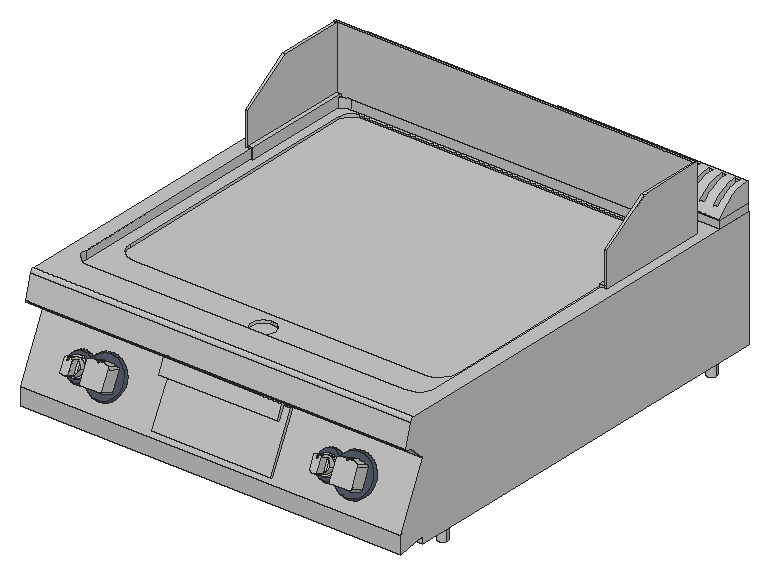
Revit family "QF_ZANUSSI_392054_Z9FTGHCS00", category Specialty Equipment, Revit 2018 (continued)
Automatic sketch dimensions
  Extrusion 13 sketch curve to Extrusion 13 sketch curve = 9.296 mm
  Extrusion 13 sketch curve to plane 11 = 19.089 mm
  plane 1 "BACK" to Extrusion 14 sketch curve = 6.761 mm
  plane 3 "LEFT" to Extrusion 14 sketch curve = 162.665 mm
  Extrusion 14 sketch curve to Extrusion 14 sketch curve = 9.296 mm
  Extrusion 14 sketch curve to plane 11 = 19.089 mm
  plane 1 "BACK" to Extrusion 15 sketch curve = 6.761 mm
  plane 12 to Extrusion 15 sketch curve = 157.346 mm
  Extrusion 15 sketch curve to Extrusion 15 sketch curve = 9.296 mm
  Extrusion 15 sketch curve to plane 11 = 19.089 mm
  plane 1 "BACK" to Extrusion 16 sketch curve = 6.761 mm
  plane 12 to Extrusion 16 sketch curve = 17.43 mm
  Extrusion 16 sketch curve to Extrusion 16 sketch curve = 9.296 mm
  Extrusion 16 sketch curve to plane 11 = 19.089 mm
  Extrusion 17 sketch curve to plane 12 = 10.559 mm
  Extrusion 17 sketch curve to plane 12 = 1.263 mm
  plane 1 "BACK" to Extrusion 17 sketch curve = 6.761 mm
  Extrusion 17 sketch curve to plane 11 = 19.089 mm
  plane 1 "BACK" to Extrusion 18 sketch curve = 6.761 mm
  plane 12 to Extrusion 18 sketch curve = 97.263 mm
  Extrusion 18 sketch curve to Extrusion 18 sketch curve = 9.296 mm
  Extrusion 18 sketch curve to plane 11 = 19.089 mm
  plane 1 "BACK" to Extrusion 19 sketch curve = 6.761 mm
  plane 12 to Extrusion 19 sketch curve = 69.275 mm
  Extrusion 19 sketch curve to Extrusion 19 sketch curve = 9.296 mm
  Extrusion 19 sketch curve to plane 11 = 19.089 mm
  plane 1 "BACK" to Extrusion 20 sketch curve = 6.761 mm
  plane 12 to Extrusion 20 sketch curve = 41.311 mm
  Extrusion 20 sketch curve to Extrusion 20 sketch curve = 9.296 mm
  Extrusion 20 sketch curve to plane 11 = 19.089 mm
  plane 1 "BACK" to Extrusion 21 sketch curve = 6.761 mm
  plane 12 to Extrusion 21 sketch curve = 125.251 mm
  Extrusion 21 sketch curve to Extrusion 21 sketch curve = 9.296 mm
  Extrusion 21 sketch curve to plane 11 = 19.089 mm
  Extrusion 22 sketch curve to Extrusion 3 = 5.362 mm
  Extrusion 22 sketch curve to Extrusion 3 = 30.762 mm
  Extrusion 22 sketch curve to Extrusion 22 sketch curve = 25.4 mm
  Extrusion 22 sketch curve to Extrusion 3 = 25 mm
  Extrusion 22 sketch curve to Extrusion 3 = 122.523 mm  (x2)
  Extrusion 22 sketch curve to Extrusion 3 = 62.523 mm
  Extrusion 22 sketch curve to Extrusion 22 sketch curve = 37.523 mm
  Extrusion 22 sketch curve to Extrusion 3 = 43.885 mm
  Extrusion 22 sketch curve to Extrusion 22 sketch curve = 307.477 mm
  Extrusion 23 sketch curve to plane 6 "TOP" = 0 mm
  Extrusion 23 sketch curve to plane 16 = 0 mm
  Extrusion 23 sketch curve to plane 6 "TOP" = 65 mm
  Extrusion 23 sketch curve to plane 16 = 100.091 mm
  Extrusion 24 sketch curve to plane 6 "TOP" = 0 mm
  Extrusion 24 sketch curve to plane 16 = 0 mm
  Extrusion 24 sketch curve to plane 6 "TOP" = 65 mm
  Extrusion 24 sketch curve to plane 16 = 100.091 mm
  Extrusion 25 sketch curve to plane 6 "TOP" = 0 mm
  Extrusion 25 sketch curve to plane 14 = 0 mm
  Extrusion 25 sketch curve to plane 4 "RIGHT" = 20 mm
  plane 3 "LEFT" to Extrusion 25 sketch curve = 20 mm
  Extrusion 26 sketch curve to plane 1 "BACK" = 0 mm
  Extrusion 26 sketch curve to plane 14 = 0 mm
  Extrusion 26 sketch curve to plane 11 = 7.988 mm
  Extrusion 26 sketch curve to Extrusion 26 sketch curve = 15 mm
  Extrusion 27 sketch curve to plane 1 "BACK" = 0 mm
  plane 1 "BACK" to Extrusion 27 sketch curve = 1.769 mm
  Extrusion 27 sketch curve to plane 11 = 7.988 mm
  plane 14 to Extrusion 27 sketch curve = 58.763 mm
  plane 14 to Extrusion 27 sketch curve = 17.959 mm
  plane 14 to Extrusion 27 sketch curve = 15 mm
  plane 1 "BACK" to Extrusion 28 sketch curve = 6.761 mm
  Extrusion 28 sketch curve to plane 4 "RIGHT" = 22.749 mm
  Extrusion 28 sketch curve to Extrusion 28 sketch curve = 9.296 mm
  Extrusion 28 sketch curve to plane 11 = 19.089 mm
  plane 1 "BACK" to Extrusion 29 sketch curve = 6.761 mm
  plane 7 "Center Y" to Extrusion 29 sketch curve = 22.749 mm
  Extrusion 29 sketch curve to Extrusion 29 sketch curve = 9.296 mm
  Extrusion 29 sketch curve to plane 11 = 19.089 mm
  plane 1 "BACK" to Extrusion 30 sketch curve = 6.761 mm
  Extrusion 30 sketch curve to plane 4 "RIGHT" = 50.737 mm
  Extrusion 30 sketch curve to Extrusion 30 sketch curve = 9.296 mm
  Extrusion 30 sketch curve to plane 11 = 19.089 mm
  plane 1 "BACK" to Extrusion 31 sketch curve = 6.761 mm
  Extrusion 31 sketch curve to plane 4 "RIGHT" = 78.725 mm
  Extrusion 31 sketch curve to Extrusion 31 sketch curve = 9.296 mm
  Extrusion 31 sketch curve to plane 11 = 19.089 mm
  plane 1 "BACK" to Extrusion 32 sketch curve = 6.761 mm
  Extrusion 32 sketch curve to plane 4 "RIGHT" = 106.689 mm
  Extrusion 32 sketch curve to Extrusion 32 sketch curve = 9.296 mm
  Extrusion 32 sketch curve to plane 11 = 19.089 mm
  plane 1 "BACK" to Extrusion 33 sketch curve = 6.761 mm
  Extrusion 33 sketch curve to plane 4 "RIGHT" = 134.677 mm
  Extrusion 33 sketch curve to Extrusion 33 sketch curve = 9.296 mm
  Extrusion 33 sketch curve to plane 11 = 19.089 mm
  plane 1 "BACK" to Extrusion 34 sketch curve = 6.761 mm
  Extrusion 34 sketch curve to plane 4 "RIGHT" = 162.665 mm
  Extrusion 34 sketch curve to Extrusion 34 sketch curve = 9.296 mm
  Extrusion 34 sketch curve to plane 11 = 19.089 mm
  plane 1 "BACK" to Extrusion 35 sketch curve = 6.761 mm
  Extrusion 35 sketch curve to plane 4 "RIGHT" = 190.654 mm
  Extrusion 35 sketch curve to Extrusion 35 sketch curve = 9.296 mm
  Extrusion 35 sketch curve to plane 11 = 19.089 mm
  plane 1 "BACK" to Extrusion 36 sketch curve = 6.761 mm
  plane 7 "Center Y" to Extrusion 36 sketch curve = 69.43 mm
  Extrusion 36 sketch curve to Extrusion 36 sketch curve = 9.296 mm
  Extrusion 36 sketch curve to plane 11 = 19.089 mm
  plane 1 "BACK" to Extrusion 37 sketch curve = 6.761 mm
  plane 7 "Center Y" to Extrusion 37 sketch curve = 41.441 mm
  Extrusion 37 sketch curve to Extrusion 37 sketch curve = 9.296 mm
  Extrusion 37 sketch curve to plane 11 = 19.089 mm
  plane 1 "BACK" to Extrusion 38 sketch curve = 6.761 mm
  plane 7 "Center Y" to Extrusion 38 sketch curve = 149.263 mm
  Extrusion 38 sketch curve to Extrusion 38 sketch curve = 9.296 mm
  Extrusion 38 sketch curve to plane 11 = 19.089 mm
  plane 1 "BACK" to Extrusion 39 sketch curve = 6.761 mm
  plane 7 "Center Y" to Extrusion 39 sketch curve = 121.275 mm
  Extrusion 39 sketch curve to Extrusion 39 sketch curve = 9.296 mm
  Extrusion 39 sketch curve to plane 11 = 19.089 mm
  plane 1 "BACK" to Extrusion 40 sketch curve = 6.761 mm
  plane 7 "Center Y" to Extrusion 40 sketch curve = 93.311 mm
  Extrusion 40 sketch curve to Extrusion 40 sketch curve = 9.296 mm
  Extrusion 40 sketch curve to plane 11 = 19.089 mm
  plane 1 "BACK" to Extrusion 41 sketch curve = 6.761 mm
  plane 7 "Center Y" to Extrusion 41 sketch curve = 177.251 mm
  Extrusion 41 sketch curve to Extrusion 41 sketch curve = 9.296 mm
  Extrusion 41 sketch curve to plane 11 = 19.089 mm
  Extrusion 42 sketch curve to plane 14 = 0 mm  (x2)
  plane 14 to Extrusion 42 sketch curve = 5 mm  (x2)
  Extrusion 42 sketch curve to plane 6 "TOP" = 1 mm  (x2)
  Extrusion 42 sketch curve to plane 14 = 19.6 mm  (x2)
  Extrusion 42 sketch curve to plane 4 "RIGHT" = 20 mm
  Extrusion 42 sketch curve to Extrusion 42 sketch curve = 5 mm  (x6)
  plane 3 "LEFT" to Extrusion 42 sketch curve = 35 mm
  plane 3 "LEFT" to Blend 43 sketch curve = 103.419 mm  (x2)
  Blend 43 sketch curve to Blend 43 sketch curve = 53 mm  (x2)
  Blend 43 sketch curve to Blend 43 sketch curve = 0 mm  (x2)
  Blend 43 sketch curve to Blend 43 sketch curve = 17.95 mm
  Blend 43 sketch curve to Blend 43 sketch curve = 24.037 mm
  Blend 43 sketch curve to Blend 43 sketch curve = 18.422 mm
  Blend 43 sketch curve to Blend 43 sketch curve = 21.086 mm
  plane 3 "LEFT" to Extrusion 44 sketch curve = 101.418 mm
  plane 3 "LEFT" to Extrusion 45 sketch curve = 133.419 mm
  Extrusion 45 sketch curve to Extrusion 45 sketch curve = 2.997 mm  (x3)
  Extrusion 45 sketch curve to Extrusion 45 sketch curve = 20.003 mm  (x2)
  Extrusion 45 sketch curve to Extrusion 45 sketch curve = 40.005 mm
  Extrusion 45 sketch curve to Extrusion 45 sketch curve = 5.399 mm
  Extrusion 45 sketch curve to Extrusion 45 sketch curve = 40.037 mm
  Extrusion 45 sketch curve to Extrusion 45 sketch curve = 0 mm  (x2)
  Split face 26 sketch curve to Split face 26 sketch curve = 2.545 mm
  Split face 26 sketch curve to Split face 26 sketch curve = 4.379 mm
  Split face 27 sketch curve to Split face 27 sketch curve = 0.816 mm  (x2)
  Split face 27 sketch curve to Split face 27 sketch curve = 2.828 mm
  plane 3 "LEFT" to Extrusion 46 sketch curve = 101.418 mm
  plane 18 to Extrusion 47 sketch curve = 40 mm
  plane 3 "LEFT" to Extrusion 47 sketch curve = 84.526 mm
  Extrusion 47 sketch curve to Extrusion 47 sketch curve = 6.058 mm
  Extrusion 47 sketch curve to Extrusion 47 sketch curve = 0.01 mm  (x4)
  Extrusion 47 sketch curve to Extrusion 47 sketch curve = 8.895 mm  (x2)
  Extrusion 47 sketch curve to Extrusion 47 sketch curve = 15.995 mm
  Extrusion 47 sketch curve to Extrusion 47 sketch curve = 2.827 mm
  Extrusion 47 sketch curve to Extrusion 47 sketch curve = 15.163 mm
  Extrusion 47 sketch curve to Extrusion 47 sketch curve = 0 mm
  Extrusion 47 sketch curve to Extrusion 47 sketch curve = 15.173 mm
  plane 18 to Extrusion 48 sketch curve = 35 mm
  Extrusion 48 sketch curve to plane 17 = 5.671 mm
  Extrusion 48 sketch curve to Extrusion 48 sketch curve = 3 mm
  Extrusion 48 sketch curve to Extrusion 48 sketch curve = 0 mm  (x2)
  Extrusion 48 sketch curve to Extrusion 48 sketch curve = 1 mm
  Extrusion 48 sketch curve to Extrusion 48 sketch curve = 15 mm
  Extrusion 49 sketch curve to Extrusion 49 sketch curve = 0 mm  (x2)
  plane 18 to Extrusion 49 sketch curve = 25.027 mm
  plane 17 to Extrusion 49 sketch curve = 0.005 mm
  Extrusion 49 sketch curve to Extrusion 49 sketch curve = 1 mm
  Extrusion 49 sketch curve to Extrusion 49 sketch curve = 2.764 mm
  Extrusion 49 sketch curve to Extrusion 49 sketch curve = 2.616 mm
  Extrusion 49 sketch curve to Extrusion 49 sketch curve = 12.193 mm
  Extrusion 50 sketch curve to Extrusion 50 sketch curve = 0 mm  (x2)
  Extrusion 50 sketch curve to plane 18 = 0 mm  (x2)
  Extrusion 50 sketch curve to plane 5 "FRONT" = 2.621 mm
  Extrusion 50 sketch curve to Extrusion 50 sketch curve = 2.908 mm
  plane 17 to Extrusion 50 sketch curve = 5.047 mm
  Extrusion 50 sketch curve to Extrusion 50 sketch curve = 2.884 mm  (x2)
  plane 17 to Extrusion 50 sketch curve = 17.709 mm
  Extrusion 50 sketch curve to Extrusion 50 sketch curve = 1.711 mm
  Extrusion 50 sketch curve to Extrusion 50 sketch curve = 1.332 mm
  Extrusion 50 sketch curve to Extrusion 50 sketch curve = 2.245 mm
  Extrusion 50 sketch curve to Extrusion 50 sketch curve = 17.505 mm
  Extrusion 50 sketch curve to Extrusion 50 sketch curve = 3.877 mm
  Extrusion 50 sketch curve to Extrusion 50 sketch curve = 1.339 mm
  Extrusion 50 sketch curve to Extrusion 50 sketch curve = 11.162 mm
  Extrusion 50 sketch curve to Extrusion 50 sketch curve = 1.327 mm
  Extrusion 50 sketch curve to Extrusion 50 sketch curve = 0.613 mm
  Extrusion 50 sketch curve to Extrusion 50 sketch curve = 0.787 mm
  Extrusion 51 sketch curve to Extrusion 51 sketch curve = 0 mm  (x2)
  Extrusion 51 sketch curve to plane 18 = 0 mm  (x2)
  Extrusion 51 sketch curve to plane 13 = 0.179 mm
  Extrusion 51 sketch curve to plane 13 = 3.087 mm
  Extrusion 51 sketch curve to plane 13 = 17.606 mm
  Extrusion 51 sketch curve to Extrusion 51 sketch curve = 2.884 mm  (x2)
  Extrusion 51 sketch curve to plane 13 = 30.268 mm
  Extrusion 51 sketch curve to Extrusion 51 sketch curve = 0.82 mm
  Extrusion 51 sketch curve to Extrusion 51 sketch curve = 1.711 mm
  Extrusion 51 sketch curve to Extrusion 51 sketch curve = 1.332 mm
  Extrusion 51 sketch curve to Extrusion 51 sketch curve = 17.505 mm
  Extrusion 51 sketch curve to plane 5 "FRONT" = 5.529 mm
  plane 17 to Extrusion 51 sketch curve = 21.413 mm
  Extrusion 51 sketch curve to Extrusion 51 sketch curve = 0.891 mm
  Extrusion 51 sketch curve to Extrusion 51 sketch curve = 4.467 mm
  Extrusion 51 sketch curve to Extrusion 51 sketch curve = 19.137 mm
  Extrusion 51 sketch curve to Extrusion 51 sketch curve = 1.339 mm
  Extrusion 51 sketch curve to Extrusion 51 sketch curve = 97.223 mm
  Extrusion 51 sketch curve to Extrusion 51 sketch curve = 1.327 mm
  Extrusion 51 sketch curve to Extrusion 51 sketch curve = 16.961 mm
  Extrusion 51 sketch curve to Extrusion 51 sketch curve = 0.787 mm
  Extrusion 51 sketch curve to Extrusion 51 sketch curve = 4.979 mm
  Blend 52 sketch curve to plane 4 "RIGHT" = 171.581 mm  (x2)
  Blend 52 sketch curve to Blend 52 sketch curve = 53 mm  (x2)
  Blend 52 sketch curve to Blend 52 sketch curve = 0 mm  (x2)
  Blend 52 sketch curve to Blend 52 sketch curve = 17.95 mm
  Blend 52 sketch curve to Blend 52 sketch curve = 24.037 mm
  Blend 52 sketch curve to Blend 52 sketch curve = 18.422 mm
  Blend 52 sketch curve to Blend 52 sketch curve = 21.086 mm
  Extrusion 53 sketch curve to plane 4 "RIGHT" = 173.582 mm
  Extrusion 54 sketch curve to plane 4 "RIGHT" = 141.581 mm
  Extrusion 54 sketch curve to Extrusion 54 sketch curve = 2.997 mm  (x3)
  Extrusion 54 sketch curve to Extrusion 54 sketch curve = 20.003 mm  (x2)
  Extrusion 54 sketch curve to Extrusion 54 sketch curve = 40.005 mm
  Extrusion 54 sketch curve to Extrusion 54 sketch curve = 5.399 mm
  Extrusion 54 sketch curve to Extrusion 54 sketch curve = 40.037 mm
  Extrusion 54 sketch curve to Extrusion 54 sketch curve = 0 mm  (x2)
  Split face 54 sketch curve to Split face 54 sketch curve = 2.545 mm
  Split face 54 sketch curve to Split face 54 sketch curve = 4.379 mm
  Split face 55 sketch curve to Split face 55 sketch curve = 0.816 mm  (x2)
  Split face 55 sketch curve to Split face 55 sketch curve = 2.828 mm
  Extrusion 55 sketch curve to plane 4 "RIGHT" = 173.582 mm
  plane 18 to Extrusion 56 sketch curve = 40 mm
  Extrusion 56 sketch curve to plane 4 "RIGHT" = 190.474 mm
  Extrusion 56 sketch curve to Extrusion 56 sketch curve = 6.058 mm
  Extrusion 56 sketch curve to Extrusion 56 sketch curve = 0.01 mm  (x4)
  Extrusion 56 sketch curve to Extrusion 56 sketch curve = 8.895 mm  (x2)
  Extrusion 56 sketch curve to Extrusion 56 sketch curve = 15.995 mm
  Extrusion 56 sketch curve to Extrusion 56 sketch curve = 2.827 mm
  Extrusion 56 sketch curve to Extrusion 56 sketch curve = 15.163 mm
  Extrusion 56 sketch curve to Extrusion 56 sketch curve = 0 mm
  Extrusion 56 sketch curve to Extrusion 56 sketch curve = 15.173 mm
  plane 18 to Extrusion 57 sketch curve = 35 mm
  Extrusion 57 sketch curve to plane 17 = 5.671 mm
  Extrusion 57 sketch curve to Extrusion 57 sketch curve = 3 mm
  Extrusion 57 sketch curve to Extrusion 57 sketch curve = 0 mm  (x2)
  Extrusion 57 sketch curve to Extrusion 57 sketch curve = 1 mm
  Extrusion 57 sketch curve to Extrusion 57 sketch curve = 15 mm
  Extrusion 58 sketch curve to Extrusion 58 sketch curve = 0 mm  (x2)
  plane 18 to Extrusion 58 sketch curve = 25.027 mm
  plane 17 to Extrusion 58 sketch curve = 0.005 mm
  Extrusion 58 sketch curve to Extrusion 58 sketch curve = 1 mm
  Extrusion 58 sketch curve to Extrusion 58 sketch curve = 2.764 mm
  Extrusion 58 sketch curve to Extrusion 58 sketch curve = 2.616 mm
  Extrusion 58 sketch curve to Extrusion 58 sketch curve = 12.193 mm
  plane 3 "LEFT" to curve 175 = 91.746 mm
  curve 175 to curve 176 = 19.344 mm
  curve 176 to curve 150 = 22.329 mm
  curve 150 to curve 151 = 0.809 mm
  curve 154 to curve 154 = 1.583 mm
  curve 151 to curve 152 = 1.846 mm
  curve 151 to curve 165 = 2.189 mm
  curve 150 to curve 153 = 11.892 mm
  curve 154 to curve 156 = 20.417 mm
  curve 152 to curve 155 = 19.134 mm
  curve 155 to curve 164 = 1.738 mm
  curve 156 to curve 157 = 2 mm
  curve 153 to curve 162 = 22.215 mm
  curve 157 to curve 165 = 19.003 mm
  curve 165 to curve 161 = 0.343 mm
  curve 161 to curve 163 = 1.071 mm
  curve 165 to curve 160 = 2.189 mm
  curve 160 to curve 159 = 0.809 mm
  curve 206 to plane 4 "RIGHT" = 183.254 mm
  curve 206 to curve 207 = 19.344 mm
  curve 207 to curve 181 = 22.329 mm
  curve 181 to curve 182 = 0.809 mm
  curve 185 to curve 185 = 1.583 mm
  curve 182 to curve 183 = 1.846 mm
  curve 182 to curve 196 = 2.189 mm
  curve 181 to curve 184 = 11.892 mm
  curve 185 to curve 188 = 20.417 mm
  curve 183 to curve 186 = 19.134 mm
  curve 186 to curve 195 = 1.738 mm
  curve 187 to curve 188 = 2 mm
  curve 184 to curve 193 = 22.215 mm
  curve 188 to curve 196 = 19.003 mm
  curve 196 to curve 192 = 0.343 mm
  curve 192 to curve 194 = 1.071 mm
  curve 196 to curve 191 = 2.189 mm
  curve 191 to curve 190 = 0.809 mm
  curve 186 to plane 13 = 32.481 mm
  curve 186 to curve 195 = 0 mm
  curve 155 to plane 13 = 32.481 mm
  curve 155 to curve 164 = 0 mm
  curve 155 to curve 165 = 86.839 mm
  curve 195 to curve 196 = 86.839 mm
  curve 196 to curve 191 = 1.333 mm
  curve 152 to curve 150 = 1.333 mm
  curve 165 to curve 159 = 1.333 mm
  curve 196 to curve 181 = 1.333 mm
  curve 182 to curve 183 = 2.779 mm
  curve 191 to curve 192 = 2.779 mm
  curve 160 to curve 161 = 2.779 mm
  curve 151 to curve 152 = 2.779 mm
  curve 161 to curve 163 = 14.462 mm
  curve 152 to curve 154 = 14.462 mm
  curve 192 to curve 194 = 14.462 mm
  curve 183 to curve 185 = 14.462 mm
  curve 185 to curve 187 = 1.435 mm
  curve 154 to curve 157 = 1.435 mm
  curve 154 to curve 175 = 5.966 mm
  curve 185 to curve 206 = 5.966 mm
  curve 175 to curve 176 = 0 mm
  curve 206 to curve 207 = 0 mm
  curve 157 to curve 162 = 41.91 mm
  curve 153 to curve 162 = 0 mm
  curve 187 to curve 184 = 41.91 mm
  curve 184 to curve 193 = 0 mm
  curve 175 to curve 175 = 1.229 mm
  curve 175 to curve 175 = 0.445 mm
  curve 176 to curve 176 = 1.675 mm
  curve 176 to curve 176 = 0.445 mm
  curve 153 to curve 150 = 9.809 mm
  curve 155 to curve 154 = 0.284 mm
  curve 163 to curve 164 = 0.284 mm
  curve 159 to curve 162 = 9.809 mm
  curve 206 to curve 206 = 1.229 mm
  curve 206 to curve 206 = 0.445 mm
  curve 207 to curve 207 = 1.675 mm
  curve 207 to curve 207 = 0.445 mm
  curve 184 to curve 181 = 9.809 mm
  curve 185 to curve 185 = 0.284 mm
  curve 194 to curve 195 = 0.284 mm
  curve 190 to curve 193 = 9.809 mm
  curve 154 to curve 154 = 0.567 mm
  curve 185 to curve 185 = 0.567 mm
  curve 194 to curve 194 = 0.567 mm
  curve 163 to curve 163 = 0.567 mm
  curve 186 to curve 184 = 1.156 mm
  curve 195 to curve 193 = 1.156 mm
  curve 163 to curve 162 = 1.156 mm
  curve 154 to curve 153 = 1.156 mm
  curve 207 to curve 207 = 0.083 mm
  curve 176 to curve 176 = 0.083 mm
  curve 175 to curve 175 = 0.083 mm
  curve 206 to curve 206 = 0.083 mm
  curve 193 to curve 190 = 4.292 mm
  curve 195 to curve 189 = 3.441 mm
  curve 187 to curve 189 = 0 mm
  curve 184 to curve 181 = 4.292 mm
  curve 162 to curve 159 = 4.292 mm
  curve 164 to curve 158 = 3.441 mm
  curve 156 to curve 158 = 0 mm
  curve 153 to curve 150 = 4.292 mm
  curve 198 to plane 4 "RIGHT" = 165.584 mm
  curve 198 to curve 205 = 7.998 mm
  curve 198 to curve 197 = 15.995 mm
  plane 3 "LEFT" to curve 167 = 109.416 mm
  curve 167 to curve 174 = 7.998 mm
  curve 167 to curve 166 = 15.995 mm
  curve 174 to plane 13 = 147.937 mm
  curve 205 to plane 13 = 147.937 mm
  curve 205 to curve 197 = 28.914 mm
  curve 174 to curve 167 = 28.914 mm
  curve 201 to curve 201 = 2.259 mm
  curve 200 to curve 201 = 0.319 mm
  curve 200 to curve 198 = 3.717 mm
  curve 201 to curve 200 = 1.423 mm
  curve 204 to curve 200 = 4.288 mm
  curve 200 to curve 205 = 0.001 mm
  curve 200 to curve 199 = 0.001 mm
  curve 202 to curve 202 = 0.865 mm
  curve 202 to curve 202 = 2.495 mm
  curve 202 to curve 199 = 0.141 mm
  curve 197 to curve 199 = 3.718 mm
  curve 200 to curve 203 = 0 mm
  curve 173 to curve 167 = 8.005 mm
  curve 170 to curve 170 = 4 mm
  curve 169 to curve 167 = 3.717 mm
  curve 170 to curve 169 = 1.423 mm
  curve 170 to curve 170 = 2.259 mm
  curve 169 to curve 174 = 0.001 mm
  curve 169 to curve 168 = 0.001 mm
  curve 171 to curve 171 = 0.865 mm
  curve 171 to curve 171 = 2.495 mm
  curve 171 to curve 171 = 0.141 mm
  curve 166 to curve 168 = 3.718 mm
  curve 169 to curve 172 = 0 mm
  curve 205 to curve 199 = 2.937 mm
  curve 205 to curve 204 = 2.937 mm
  curve 200 to curve 204 = 0 mm
  curve 203 to curve 199 = 0 mm  (x2)
  curve 174 to curve 173 = 2.937 mm
  curve 174 to curve 168 = 2.937 mm
  curve 172 to curve 168 = 0 mm
  curve 169 to curve 173 = 0 mm
  curve 199 to curve 197 = 1.224 mm
  curve 168 to curve 166 = 1.224 mm
  curve 200 to curve 198 = 1.224 mm
  curve 169 to curve 167 = 1.224 mm
  curve 172 to curve 172 = 4.847 mm
  curve 203 to curve 199 = 4.847 mm
  curve 174 to curve 168 = 7.784 mm
  curve 168 to curve 169 = 0.003 mm
  curve 173 to curve 173 = 4.85 mm
  curve 203 to curve 200 = 0.003 mm
  curve 204 to curve 204 = 4.85 mm
  curve 200 to curve 201 = 0.047 mm
  curve 169 to curve 170 = 0.047 mm
  curve 202 to curve 202 = 2.86 mm
  curve 171 to curve 171 = 2.86 mm
  Extrusion 6 sketch curve to Extrusion 6 sketch curve = 74.012 mm
  plane 5 "FRONT" to curve 3 = 0 mm
  plane 5 "FRONT" to curve 209 = 0 mm
  plane 1 "BACK" to curve 6 = 0 mm
  plane 16 to curve 74 = 0 mm
  plane 5 "FRONT" to curve 208 = 0 mm
  curve 211 to plane 17 = 0 mm
  plane 13 to curve 13 = 0 mm
  plane 5 "FRONT" to curve 211 = 0 mm
  curve 149 to plane 7 "Center Y" = 0 mm
  plane 5 "FRONT" to curve 179 = 0 mm
  plane 5 "FRONT" to curve 180 = 0 mm
  plane 16 to curve 87 = 0 mm
  curve 5 to plane 3 "LEFT" = 0 mm
  plane 5 "FRONT" to curve 1 = 0 mm
  plane 7 "Center Y" to curve 145 = 13.453 mm
  curve 146 to curve 144 = 9.296 mm
  curve 141 to curve 145 = 18.693 mm
  curve 142 to curve 140 = 9.296 mm
  plane 1 "BACK" to curve 139 = 6.761 mm
  curve 139 to curve 142 = 18.693 mm
  curve 137 to curve 136 = 9.296 mm
  plane 1 "BACK" to curve 135 = 6.761 mm
  curve 135 to curve 138 = 14.586 mm
  curve 134 to curve 132 = 9.296 mm
  plane 1 "BACK" to curve 128 = 6.761 mm
  curve 128 to curve 134 = 18.668 mm
  plane 7 "Center Y" to curve 14 = 125 mm
  curve 130 to curve 128 = 9.296 mm
  curve 125 to curve 129 = 18.693 mm
  curve 126 to curve 124 = 9.296 mm
  plane 1 "BACK" to curve 120 = 6.761 mm
  curve 120 to curve 126 = 18.693 mm
  curve 122 to curve 120 = 9.296 mm
  plane 1 "BACK" to curve 119 = 6.761 mm
  curve 119 to curve 122 = 22.799 mm
  curve 117 to curve 116 = 9.296 mm
  plane 1 "BACK" to curve 115 = 6.761 mm
  curve 115 to curve 118 = 18.693 mm
  curve 114 to curve 112 = 9.296 mm
  plane 1 "BACK" to curve 108 = 6.761 mm
  curve 108 to curve 114 = 18.693 mm
  curve 109 to curve 108 = 9.296 mm
  curve 104 to curve 109 = 18.693 mm
  curve 106 to curve 104 = 9.296 mm
  curve 81 to plane 15 = 31.362 mm
  curve 81 to plane 4 "RIGHT" = 92.523 mm
  curve 79 to plane 4 "RIGHT" = 80.4 mm
  curve 100 to curve 105 = 18.668 mm
  curve 102 to curve 100 = 9.296 mm
  curve 9 to plane 10 = 8.638 mm
  curve 9 to curve 81 = 25 mm
  curve 90 to curve 79 = 25 mm
  curve 80 to curve 90 = 0.4 mm
  plane 1 "BACK" to curve 99 = 6.761 mm
  curve 99 to curve 102 = 18.693 mm
  curve 97 to curve 96 = 9.296 mm
  curve 76 to plane 4 "RIGHT" = 35 mm
  curve 10 to plane 4 "RIGHT" = 30 mm
  curve 92 to curve 97 = 18.693 mm
  curve 89 to curve 85 = 15 mm
  curve 76 to curve 86 = 5 mm
  curve 94 to curve 92 = 9.296 mm
  plane 4 "RIGHT" to curve 6 = 0.05 mm
  plane 4 "RIGHT" to curve 3 = 100.069 mm
  curve 69 to plane 7 "Center Y" = 13.453 mm
  curve 68 to curve 70 = 9.296 mm
  curve 64 to plane 12 = 10.559 mm
  curve 67 to plane 12 = 1.263 mm
  plane 12 to curve 60 = 17.43 mm
  curve 60 to curve 62 = 9.296 mm
  plane 1 "BACK" to curve 56 = 6.761 mm
  curve 62 to curve 56 = 14.586 mm
  curve 56 to curve 58 = 9.296 mm
  curve 57 to curve 52 = 18.668 mm
  plane 12 to curve 12 = 73 mm
  curve 52 to curve 55 = 9.296 mm
  plane 1 "BACK" to curve 48 = 6.761 mm
  curve 54 to curve 48 = 18.693 mm
  curve 48 to curve 51 = 9.296 mm
  plane 1 "BACK" to curve 47 = 6.761 mm
  curve 50 to curve 47 = 18.693 mm
  curve 44 to curve 45 = 9.296 mm
  plane 1 "BACK" to curve 43 = 6.761 mm
  curve 46 to curve 43 = 22.799 mm
  curve 40 to curve 43 = 9.296 mm
  curve 41 to curve 36 = 18.693 mm
  curve 36 to curve 39 = 9.296 mm
  curve 37 to curve 33 = 18.693 mm
  curve 32 to curve 34 = 9.296 mm
  plane 1 "BACK" to curve 28 = 6.761 mm
  curve 34 to curve 28 = 18.693 mm
  curve 28 to curve 29 = 9.296 mm
  plane 3 "LEFT" to curve 82 = 92.523 mm
  plane 3 "LEFT" to curve 77 = 80.4 mm
  curve 29 to curve 24 = 18.668 mm
  curve 24 to curve 25 = 9.296 mm
  plane 3 "LEFT" to curve 11 = 67.523 mm
  curve 77 to curve 91 = 25 mm
  curve 84 to plane 15 = 31.362 mm
  plane 1 "BACK" to curve 20 = 6.761 mm
  curve 26 to curve 20 = 18.693 mm
  curve 20 to curve 22 = 9.296 mm
  curve 91 to curve 87 = 20.4 mm
  curve 7 to plane 10 = 8.638 mm
  curve 21 to curve 17 = 18.693 mm
  curve 7 to curve 75 = 10 mm
  curve 16 to curve 18 = 9.296 mm
  curve 2 to plane 3 "LEFT" = 100.019 mm
  curve 1 to plane 1 "BACK" = 100.019 mm
  plane 1 "BACK" to curve 146 = 6.761 mm
  plane 1 "BACK" to curve 124 = 6.761 mm
  plane 1 "BACK" to curve 143 = 6.761 mm
  plane 1 "BACK" to curve 16 = 6.761 mm
  plane 1 "BACK" to curve 107 = 6.761 mm
  plane 1 "BACK" to curve 24 = 6.761 mm
  plane 1 "BACK" to curve 103 = 6.761 mm
  plane 1 "BACK" to curve 32 = 6.761 mm
  plane 1 "BACK" to curve 95 = 6.761 mm
  plane 1 "BACK" to curve 36 = 6.761 mm
  plane 1 "BACK" to curve 71 = 6.761 mm
  plane 1 "BACK" to curve 67 = 6.761 mm
  plane 1 "BACK" to curve 52 = 6.761 mm
  plane 1 "BACK" to curve 63 = 6.761 mm
  curve 58 to plane 11 = 19.089 mm
  curve 60 to plane 11 = 19.089 mm
  curve 54 to plane 11 = 19.089 mm
  curve 64 to plane 11 = 19.089 mm
  curve 50 to plane 11 = 19.089 mm
  curve 68 to plane 11 = 19.089 mm
  curve 46 to plane 11 = 19.089 mm
  curve 126 to plane 11 = 19.089 mm
  curve 136 to plane 11 = 19.089 mm
  curve 42 to plane 11 = 19.089 mm
  curve 134 to plane 11 = 19.089 mm
  curve 146 to plane 11 = 19.089 mm
  curve 122 to plane 11 = 19.089 mm
  curve 142 to curve 136 = 0 mm
  curve 38 to plane 11 = 19.089 mm
  curve 130 to curve 124 = 0 mm
  curve 118 to plane 11 = 19.089 mm
  curve 114 to plane 11 = 19.089 mm
  curve 34 to plane 11 = 19.089 mm
  curve 92 to plane 11 = 19.089 mm
  curve 30 to plane 11 = 19.089 mm
  curve 96 to plane 11 = 19.089 mm
  curve 26 to plane 11 = 19.089 mm
  curve 100 to plane 11 = 19.089 mm
  curve 22 to plane 11 = 19.089 mm
  curve 104 to plane 11 = 19.089 mm
  curve 18 to plane 11 = 19.089 mm
  curve 113 to curve 108 = 0 mm
  plane 11 to curve 73 = 27 mm
  curve 73 to curve 89 = 5 mm
  curve 90 to curve 78 = 5.362 mm
  curve 90 to curve 79 = 5.362 mm
  curve 91 to curve 77 = 5.362 mm
  curve 148 to plane 10 = 15 mm
  curve 211 to curve 14 = 0 mm
  curve 177 to curve 14 = 93.421 mm
  curve 208 to curve 177 = 15.995 mm
  curve 208 to curve 208 = 24.003 mm
  curve 209 to curve 208 = 46 mm
  curve 210 to curve 12 = 0 mm
  curve 210 to curve 177 = 95.581 mm
  curve 177 to curve 179 = 46 mm
  curve 179 to curve 179 = 24.003 mm
  curve 179 to curve 180 = 14.416 mm
  curve 88 to curve 72 = 5 mm
  curve 4 to plane 11 = 7.988 mm
  curve 72 to curve 88 = 5 mm
  curve 148 to curve 148 = 25 mm
  radius of Extrusion 4 sketch curve = 9.525 mm  (x4)
  radius of Extrusion 5 sketch curve = 6.4 mm
  radius of Extrusion 22 sketch curve = 25 mm
  radius of Extrusion 44 sketch curve = 20 mm
  radius of Split face 1 sketch curve = 1 mm
  radius of Split face 2 sketch curve = 1 mm
  radius of Split face 3 sketch curve = 1 mm
  radius of Split face 4 sketch curve = 1 mm
  radius of Split face 5 sketch curve = 1 mm
  radius of Split face 6 sketch curve = 1 mm
  radius of Split face 7 sketch curve = 1 mm
  radius of Split face 8 sketch curve = 1 mm
  radius of Split face 9 sketch curve = 1 mm
  radius of Split face 10 sketch curve = 1 mm
  radius of Split face 11 sketch curve = 1 mm
  radius of Split face 12 sketch curve = 1 mm
  radius of Split face 13 sketch curve = 1 mm
  radius of Split face 14 sketch curve = 1 mm
  radius of Split face 15 sketch curve = 1 mm
  radius of Split face 16 sketch curve = 1 mm
  radius of Split face 17 sketch curve = 1 mm
  radius of Split face 18 sketch curve = 1 mm
  radius of Split face 19 sketch curve = 1 mm
  radius of Split face 20 sketch curve = 1 mm
  radius of Split face 21 sketch curve = 1 mm
  radius of Split face 22 sketch curve = 1 mm
  radius of Split face 23 sketch curve = 1 mm
  radius of Split face 24 sketch curve = 1.508 mm
  radius of Split face 25 sketch curve = 1.343 mm
  radius of Extrusion 46 sketch curve = 16 mm
  radius of Split face 28 sketch curve = 1 mm
  radius of Extrusion 53 sketch curve = 20 mm
  radius of Split face 29 sketch curve = 1 mm
  radius of Split face 30 sketch curve = 1 mm
  radius of Split face 31 sketch curve = 1 mm
  radius of Split face 32 sketch curve = 1 mm
  radius of Split face 33 sketch curve = 1 mm
  radius of Split face 34 sketch curve = 1 mm
  radius of Split face 35 sketch curve = 1 mm
  radius of Split face 36 sketch curve = 1 mm
  radius of Split face 37 sketch curve = 1 mm
  radius of Split face 38 sketch curve = 1 mm
  radius of Split face 39 sketch curve = 1 mm
  radius of Split face 40 sketch curve = 1 mm
  radius of Split face 41 sketch curve = 1 mm
  radius of Split face 42 sketch curve = 1 mm
  radius of Split face 43 sketch curve = 1 mm
  radius of Split face 44 sketch curve = 1 mm
  radius of Split face 45 sketch curve = 1 mm
  radius of Split face 46 sketch curve = 1 mm
  radius of Split face 47 sketch curve = 1 mm
  radius of Split face 48 sketch curve = 1 mm
  radius of Split face 49 sketch curve = 1 mm
  radius of Split face 50 sketch curve = 1 mm
  radius of Split face 51 sketch curve = 1 mm
  radius of Split face 52 sketch curve = 1.508 mm
  radius of Split face 53 sketch curve = 1.343 mm
  radius of Extrusion 55 sketch curve = 16 mm
  radius of Split face 56 sketch curve = 1 mm
Connectors
  piping at (748, -664, 6), diameter 12.8
    settings: on Extrusion 5, index 2, connector inside diameter 0.50394", connector length 0 mm, flow factor 0, pipe flow 0 GPM, pressure drop 0.00 psi, fitting loss kfactor 0, connector angle 0.00°, fixture units 0, engagement length 0 mm, angle of deflection 0.00°, flow configuration 1, flow direction 1, fitting loss method 0, system type 7, joint type 0, gender type 0, connector reference index -1, connector utility 0, adjustable connector no, is connector primary yes, connector description "GAS CONNECTION"
